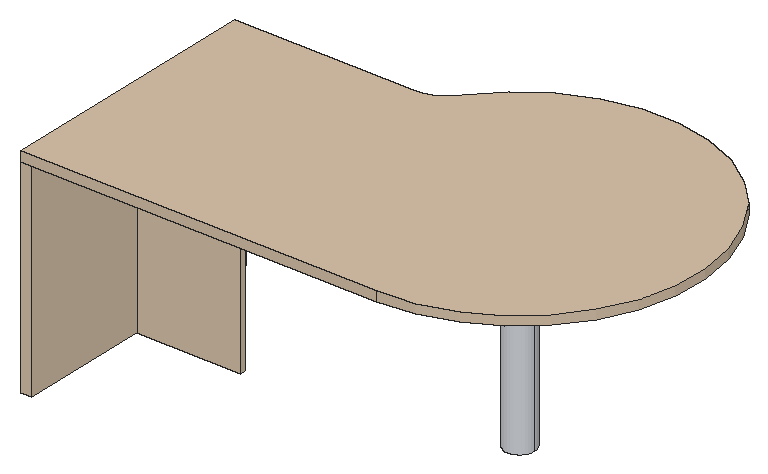
Revit family "Haworth_Masters_Convergent_PTop", category Furniture Systems, Revit 2018
Family settings
  Round Connector Dimension = Use Diameter
  Part Type = Normal
  OmniClass Number = 23.40.70.14.64.21
  OmniClass Title = Systems Furniture
  Work Plane-Based = No
  Always vertical = Yes
  Cut with Voids When Loaded = No
  Shared = No
  Room Calculation Point = No
Parameters (values of type "36d 72w P-Top Desk")
  Worksurface Finish = Haworth _ Wood _ White Oak
  Warranty = "http://www.haworth.com/resources/product-info/warranties"
  URL - Product = "http://www.haworth.com/products/desks/freestanding/masters-series"
  Two High = yes
  Post Position = if(Depth 30, 21", 24")  # 24"
  Support Position = if(Depth 30, 15", 18")  # 18"
  T-Support = yes
  Sustainability Info = "http://www.haworth.com/company-info/sustainablility"
  Support Height = if(One High, 16 7/16", 0")  # 0"
  Standard Depths = "30, 36 in."  # constant formula
  Post Finish = Haworth _ Paint _ Metallic Champagne
  One High = not(Two High)  # no
  Model = "Haworth - Masters - Convergent P-Top"  # constant formula
  Width = 72"
  URL = "www.haworth.com"
  Size = "Verify Final Dim. w/ Haworth"  # constant formula
  Revision Number = "2"  # constant formula
  Min. Width = if(Depth 30, 54", 66")  # 66"
  Max. Width = if(Depth 30, 90", 96")  # 96"
  Manufacturer = "Haworth"  # constant formula
  Edge Finish = Haworth _ Wood _ White Oak
  Description = "Haworth - Masters - Convergent P-Top"  # constant formula
  Depth 36 = not(Depth 30)  # yes
  Depth 30 = no
  Custom Size = not(or(Custom 36, Custom 30))  # no
  Custom 36 = and(or(Width = 66", Width = 72", Width = 78", Width = 84", Width = 90", Width = 96"), and(Depth 36))  # yes
  Custom 30 = and(or(Width = 54", Width = 60", Width = 66", Width = 72", Width = 78", Width = 84", Width = 90"), and(Depth 30))  # no
  Column Support = yes
  Cabinet Finish = Haworth _ Wood _ White Oak
  Author = "Haworth (Hampton)"  # constant formula
  Assembly Code = "E2020200"
  Actual Width = if(Width < Min. Width, Min. Width, if(Width > Max. Width, Max. Width, Width))  # 72"
  Actual Height = 29 1/8"  # constant formula
  Standard Widths = "54,60,66,72,78,84,90,96 in."  # constant formula
  Actual Depth = if(Depth 30, 30", 36")  # 36"
Types (4): name | Post Position | Support Position | T-Support | Min. Width | Max. Width | Depth 36 | Depth 30 | Custom 36 | Custom 30 | Actual Depth
  36d 72w P-Top Attached | 24" | 18" | no | 66" | 96" | yes | no | yes | no | 36"
  36d 72w P-Top Desk | 24" | 18" | yes | 66" | 96" | yes | no | yes | no | 36"
  30d 72w P-Top Attached | 21" | 15" | no | 54" | 90" | no | yes | no | yes | 30"
  30d 72w P-Top Desk | 21" | 15" | yes | 54" | 90" | no | yes | no | yes | 30"
Reference planes (in)
  plane 1 "Back": y = -10
  plane 2: z = 0
  plane 3 "Center": x = 29.0625
  plane 4 "Top": z = 29.125
  plane 5 "Bottom of Top": z = 27.875
  plane 6 "Front": y = -46
  plane 7 "Left Side": x = -6.9375
  plane 8 "Right Side": x = 65.0625
  plane 9 "One High Bottom": z = 0
  plane 10: y = -28
  plane 11 "L-Support Left In": x = 8.59375
  plane 12: x = -5.40625
  plane 13: x = 41.0625
  plane 14 "Post Position": y = -22
Forms (in)
  Extrusion 1, solid, material "Haworth _ Wood _ White Oak" <- "Worksurface Finish"
    sketch origin (0, 0, 29.125) x (0, 1, 0) y (-1, 0, 0)
      loop
        line (-46, 6.9375) -> (-46, -41.0625)
        arc (-46, -41.0625) -> (-11.26687, -62.52875) -> (-7.6, -21.8625) r 24
        arc (-7.6, -21.8625) -> (-9.36656, -19.74578) -> (-10, -17.0625) r 6
        line (-10, -17.0625) -> (-10, 6.9375) -> (-46, 6.9375)
    from 0 to -1.25
  Extrusion 2, solid, material "Haworth _ Wood _ White Oak" <- "Cabinet Finish", visible <- "T-Support"
    sketch origin (-12.9375, 20.31207, 48) x (0, 1, 0) y (0, 0, -1)
      loop
        line (-30.31207, 20.125) -> (-30.31207, 48) -> (-66.31207, 48) -> (-66.31207, 20.125) -> (-30.31207, 20.125)
    from -7.53125 to -6
  Extrusion 3, solid, material "Haworth _ Wood _ White Oak" <- "Cabinet Finish", visible <- "T-Support"
    sketch origin (58.125, -12.125, 0) x (-1, 0, 0) y (0, -1, 0)
      loop
        line (49.53125, 15.5) -> (63.53125, 15.5) -> (63.53125, 16.25) -> (49.53125, 16.25) -> (49.53125, 15.5)
    from 0 to 27.875
Lines and regions (in)
  Masking region 1
    outline origin (0, 0, 0) x (1, 0, 0) y (0, 1, 0)
      loop
        line (-6.9375, -46) -> (41.0625, -46)
        arc (41.0625, -46) -> (61.84711, -10) -> (20.27789, -10) r 24
        line (20.27789, -10) -> (-6.9375, -10) -> (-6.9375, -46)
  symbolic lines, style "Haworth Hidden", visible <- "T-Support", detail levels fine
    curve 1: line (-5.40625, -46, 0) -> (-5.40625, -10, 0)
    curve 2: line (8.59375, -27.625, 0) -> (-5.40625, -27.625, 0)
    curve 3: line (8.59375, -28.375, 0) -> (8.59375, -27.625, 0)
    curve 4: line (-5.40625, -28.375, 0) -> (8.59375, -28.375, 0)
    curve 5: line (-5.40625, -27.625, 0) -> (-5.40625, -28.375, 0)
Dimensions and locks (in)
  "Actual Height": plane 4 "Top" to level
  "Actual Depth": plane 1 "Back" to plane 6 "Front"
  equal spacing: plane 7 "Left Side", plane 3 "Center", plane 8 "Right Side"
  "Actual Width": plane 7 "Left Side" to plane 8 "Right Side"
  locked: plane 4 "Top" to plane 5 "Bottom of Top" at 1.25
  "Support Height": plane 9 "One High Bottom" to level
  locked: plane 7 "Left Side" to plane 12 at 1.53125
  locked: plane 12 to plane 11 "L-Support Left In" at 14
  "Support Position": plane 10 to plane 6 "Front"
  "Post Position": plane 13 to plane 8 "Right Side"
  "Post Position": plane 14 "Post Position" to plane 6 "Front"
  aligned and locked: level to plane 2
  aligned and locked: Extrusion 1 to plane 5 "Bottom of Top"
  aligned and locked: plane 1 "Back" to Extrusion 1 sketch curve
  aligned and locked: curve 1 to plane 12
  aligned and locked: Extrusion 3 to plane 9 "One High Bottom"
  aligned and locked: Extrusion 2 to plane 7 "Left Side"
  aligned and locked: Extrusion 2 to plane 12
  aligned and locked: Extrusion 2 to plane 1 "Back"
  aligned and locked: Extrusion 2 to plane 6 "Front"
  aligned and locked: plane 13 to nested 1
  aligned and locked: nested 1 to plane 14 "Post Position"
  aligned and locked: Extrusion 1 to plane 4 "Top"
  aligned and locked: Extrusion 1 to plane 1 "Back"
  aligned and locked: Extrusion 1 to plane 7 "Left Side"
  aligned and locked: Extrusion 3 to plane 11 "L-Support Left In"
  aligned and locked: plane 12 to Extrusion 3
  aligned and locked: plane 5 "Bottom of Top" to Extrusion 3
  aligned and locked: plane 5 "Bottom of Top" to Extrusion 2
  aligned and locked: Extrusion 2 to plane 9 "One High Bottom"
Automatic sketch dimensions
  plane 5 "Bottom of Top" to Extrusion 2 sketch curve = 0"
  Extrusion 2 sketch curve to plane 9 "One High Bottom" = 0"
  plane 10 to Extrusion 3 sketch curve = 3/8"
  plane 11 "L-Support Left In" to Extrusion 3 sketch curve = 0"
  Extrusion 3 sketch curve to plane 12 = 0"
  Extrusion 3 sketch curve to plane 10 = 3/8"
  Extrusion 2 sketch curve to plane 6 "Front" = 0"
  Extrusion 2 sketch curve to plane 1 "Back" = 0"
  curve 5 to plane 12 = 0"
  curve 4 to plane 11 "L-Support Left In" = 0"
  curve 1 to plane 6 "Front" = 0"
  plane 1 "Back" to curve 1 = 0"
  curve 4 to plane 10 = 3/8"
  plane 10 to curve 2 = 3/8"
  Extrusion 1 sketch curve to plane 6 "Front" = 0"
  Extrusion 1 sketch curve to plane 13 = 0"
  Extrusion 1 sketch curve to plane 14 "Post Position" = 0"
  Extrusion 1 sketch curve to plane 7 "Left Side" = 0"
  Extrusion 1 sketch curve to plane 1 "Back" = 2.4"
  Extrusion 1 sketch curve to Extrusion 1 sketch curve = 0"
  plane 1 "Back" to Masking region 1 sketch curve = 0"
  Masking region 1 sketch curve to plane 7 "Left Side" = 0"
  Masking region 1 sketch curve to plane 6 "Front" = 0"
  Masking region 1 sketch curve to plane 13 = 0"
  Masking region 1 sketch curve to plane 14 "Post Position" = 0"
Nested families (in)
  nested 1: "Haworth_Masters-Post_Support" at (41.0625, -27.5, 0), visible <- "Column Support", type "Base"
Definition of nested family "Haworth_Masters-Post_Support"
  Parameters
    Warranty = ""
    URL - Product = ""
    URL = "www.haworth.com"
    OmniClass Number = ""
    Material Options = ""
    Leg Height = 27 7/8"
    Post Finish = none
    Sustainability Info = ""
    Size = "Verify Final Dim. w/ Haworth"  # constant formula
    Revision Number = "1"
    Manufacturer = "Haworth"  # constant formula
    LEED Data = ""
    Author = "Haworth (Hampton)"  # constant formula
    Assembly Code = ""
  Reference planes (in)
    plane 1 "Center F/B": y = 5.5
    plane 2: z = 0
    plane 3 "Center L/R": x = 0
    plane 4 "Table Bottom": z = 27.875
  Forms (in)
    Revolve 1, solid, material <- "Post Finish"
      sketch origin (0, 5.5, 0) x (1, 0, 0) y (0, 0, 1)
        loop
          line (-2.25, 27.875) -> (-2.25, 21.9775) -> (-2.21, 21.9375) -> (-2, 21.9375) -> (-2, 0) -> (0, 0) -> (0, 27.875) -> (-2.25, 27.875)
        axis (0, 27.875) -> (0, 0)
      angle from 0 to 360
  Lines and regions (in)
    symbolic lines, detail levels fine
      curve 1: circle (0, 5.5, 0) r 2 normal (0, 0, 1)
      curve 2: circle (0, 5.5, 0) r 2 normal (0, 0, 1)
  Dimensions and locks (in)
    "Leg Height": plane 4 "Table Bottom" to level
  Automatic sketch dimensions
    curve 1 to curve 2 = 0"  (x2)
    plane 1 "Center F/B" to curve 1 = 0"
    curve 1 to plane 3 "Center L/R" = 0"
    Revolve 1 sketch curve to plane 4 "Table Bottom" = 0"
    Revolve 1 sketch curve to level = 0"
    Revolve 1 sketch curve to plane 3 "Center L/R" = 0"  (x2)
    Revolve 1 sketch curve to plane 3 "Center L/R" = 2"
    Revolve 1 sketch curve to Revolve 1 sketch curve = 0.21"
    Revolve 1 sketch curve to Revolve 1 sketch curve = 2 1/4"
    Revolve 1 sketch curve to level = 11 7/16"
    Revolve 1 sketch curve to plane 4 "Table Bottom" = 5 15/16"
    Revolve 1 sketch curve to Revolve 1 sketch curve = 0.04"
    Revolve 1 sketch curve to Revolve 1 sketch curve = 2 3/4"
    radius of curve 1 = 2"
    radius of curve 2 = 2"
